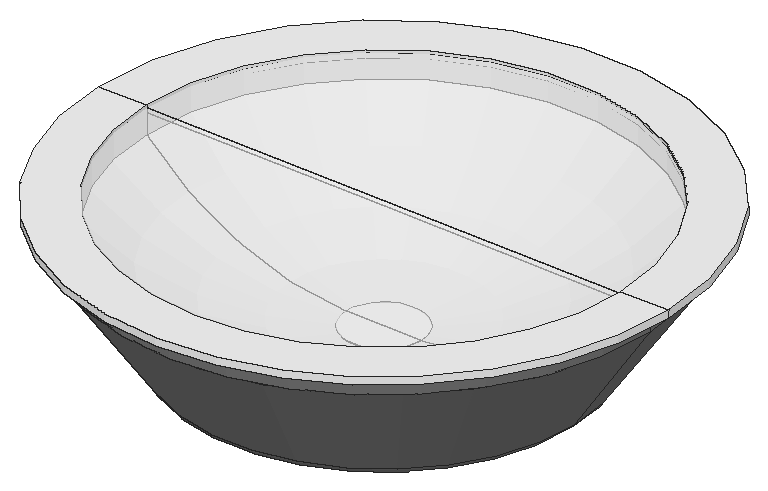
Revit family "0030306", category Lighting Fixtures, host Face, Revit 2016
Family settings
  Host = Face
  Part Type = Normal
  Round Connector Dimension = Use Diameter
  OmniClass Number = 23.80.70.00
  OmniClass Title = Lighting
  Cut with Voids When Loaded = No
  Light Source = Yes
  Shared = No
  Room Calculation Point = No
Parameters (values of type "0030306 Insaver Slim IP44 225 2900lm 830")
  WidthBezel_SYL = if(Size1_SYL, 20 mm, if(Size2_SYL, 20 mm, if(Size3PIR_SYL, 30 mm, if(Size4_SYL, 20 mm, 20 mm))))  # 20 mm
  Weight = "10.56 kg"
  Wattage Comments = ""
  Wattage = 25 W
  WarrantyStartDate [instance] = "n/a"
  WarrantyGuarantorParts = "n/a"
  WarrantyDurationUnit = "n/a"
  WarrantyDurationParts = "n/a"
  WarrantyDescription = "n/a"
  built-in parameter 1150110 = 1 (stored number, unit not read)
  Voltage = 230 V
  VisibilityPIR_SYL = Size3PIR_SYL  # no
  URL = "http://www.sylvania-lighting.com"
  TypeName = "Insaver Slim IP44 225 2900lm 830"
  Type Image = <None>
  Type Comments = "n/a"
  built-in parameter 1114217 = 1 (stored number, unit not read)
  Tilt Angle = -90.00°
  built-in parameter 1150109 = 1 (stored number, unit not read)
  built-in parameter 1150134 = (empty or 0)
  built-in parameter 1150113 = 1 (stored number, unit not read)
  Size4_SYL = no
  Size3PIR_SYL = no
  Size2_SYL = no
  Size1_SYL = no
  SerialNumber [instance] = "n/a"
  RadiusTop_SYL = 6 mm
  RadiusReflector_SYL = if(Size1_SYL, 85 mm, if(Size2_SYL, 85 mm, if(Size3PIR_SYL, 85 mm, if(Size4_SYL, 100 mm, 120 mm))))  # 120 mm
  Photometric Web File = "0030306.ies"
  Material_3_FEILO = Top-Sylvania-STARTDownlight
  PowerFactor = 0.9
  PowerConsumption = "25 W"
  NominalLength = 240 mm
  NominalHeight = 60 mm
  NominalDepth = 240 mm
  Name = "Insaver Slim IP44 225 2900lm 830"
  ModelReference = Name  # "Insaver Slim IP44 225 2900lm 830"
  ModelNumber = "0030306"
  Model = Name  # "Insaver Slim IP44 225 2900lm 830"
  Material = "aluminium housing, na diffuser"
  ManufacturerName = "Feilo Sylvania"
  Manufacturer = "Feilo Sylvania"
  LuminousEfficacy = "116 lm/W"
  built-in parameter 1150105 = 230.77 (stored number, unit not read)
  Lumens = 2900 lm
  LuminaireType = ""
  built-in parameter 1150115 = 1 (stored number, unit not read)
  LightOutputRatio = "n/a"
  built-in parameter 1150137 = (empty or 0)
  built-in parameter 1150139 = (empty or 0)
  LampsType = Lamp  # "LED"
  LampNominalLuminous = "2900 lm"
  LampMacAdamStep = "5"
  LampColourTemperature = "3000 K"
  LampColourRenderingIndex = "80"
  built-in parameter 1150112 = 1 (stored number, unit not read)
  built-in parameter 1150114 = 1 (stored number, unit not read)
  Lamp = "LED"
  Keynote = "16500"
  InstallationDate [instance] = "n/a"
  InputVoltage = "AC 220-240 V"
  InputNominalFrequency = "50/60 Hz"
  built-in parameter 1150132 = (empty or 0)
  built-in parameter 1150102 = (empty or 0)
  built-in parameter 1150107 = 3000 (stored number, unit not read)
  built-in parameter 1150138 = (empty or 0)
  IngressProtection = "IP40/20"
  ImpactProtectionIndex = "IK07"
  built-in parameter 1150106 = 2.3077 (stored number, unit not read)
  IfcExportType = "IfcLightFixtureType"
  IfcExportAs = "IfcLightFixtureType"
  Height_SYL = if(Size1_SYL, 61 mm, if(Size2_SYL, 61 mm, if(Size3PIR_SYL, 61 mm, if(Size4_SYL, 61 mm, 60 mm))))  # 60 mm
  HeightBezel_SYL = if(Size1_SYL, 3 mm, if(Size2_SYL, 3 mm, if(Size3PIR_SYL, 3 mm, if(Size4_SYL, 3.2 mm, 3 mm))))  # 3 mm
  ExpectedLife = 50000
  Emit from Circle Diameter = Diameter_SYL - 40 mm  # 200 mm
  Emit Shape Visible in Rendering = no
  ElectricShockClassification = "Class II"
  built-in parameter 1150104 = 10.777 (stored number, unit not read)
  DurationUnit = "hours"
  DocumentationLiterature = "http://www.sylvania-lighting.com/product/en-int/products/0030306"
  DimmingControlOptions = "n/a"
  Material_2_FEILO = Diffuser-Sylvania-STARTDownlight
  Dimming Lamp Color Temperature Shift = <None>
  Diameter_SYL = if(Size1_SYL, 165 mm, if(Size2_SYL, 190 mm, if(Size3PIR_SYL, 211 mm, if(Size4_SYL, 220 mm, 240 mm))))  # 240 mm
  DiameterTop_SYL = if(Size1_SYL, 98 mm, if(Size2_SYL, 122 mm, if(Size3PIR_SYL, 120 mm, if(Size4_SYL, 135 mm, 158 mm))))  # 158 mm
  DiameterTopBase_SYL = DiameterRecess_SYL  # 225 mm
  DiameterRecess_SYL = if(Size1_SYL, 150 mm, if(Size2_SYL, 170 mm, if(Size3PIR_SYL, 186 mm, if(Size4_SYL, 200 mm, 225 mm))))  # 225 mm
  Description = ""
  Default Elevation = 1219.2 mm
  CreatedOn = "3/18/2019"
  CreatedBy = "@sylvania-lighting.com"
  Cost = 0
  Color Filter = 16777215
  built-in parameter 1114216 [instance] = (empty or 0)
  ClassificationValue = "EF_70_80"
  ClassificationName = "Uniclass2015"
  Material_1_FEILO = Trim-Sylvania-STARTDownlight-White
  BarCode [instance] = "n/a"
  built-in parameter 1114218 = 1 (stored number, unit not read)
  built-in parameter 1150133 = 10 (stored number, unit not read)
  AssetType = "Fixed"
  AssetIdentifier [instance] = "n/a"
  Assembly Code = "D5020200"
  Apparent Load = 25 VA
  Material_4_FEILO = LED-Sylvania-STARTDownlight
Reference planes
  plane 1 "Center (Front/Back)": y = 0
  plane 2: z = 0
  plane 3 "Center (Left/Right)": x = 0
  plane 4: x = 120
  plane 5: x = -120
  plane 6: z = 3
  plane 7: z = -8
  plane 8: z = -57
  plane 9: x = -112.5
  plane 10: x = 112.5
  plane 11: x = -79
  plane 12: x = 79
  plane 13: z = -85
  plane 14: x = -100
  plane 15: z = 2
  plane 16: z = -45
  plane 17: x = -16
  plane 18: x = -105
  plane 19: x = -81.5
  plane 20: x = -99.5
  plane 21: x = -114
  plane 22: z = 5.5
  plane 23: z = 8.7
  plane 24: x = -113
  plane 25: z = 13.7
Forms (mm)
  Revolve 1, void
    sketch origin (0, 0, 0) x (1, 0, 0) y (0, 0, 1)
      loop
        line (0, 0) -> (-112.5, 0) -> (-112.5, -85) -> (0, -85) -> (0, 0)
      axis (0, 0) -> (0, -85)
    angle from 360 to 0
  Revolve 2, solid, material "Trim-Sylvania-STARTDownlight-White" <- "Material_1_FEILO"
    sketch origin (0, 0, 0) x (1, 0, 0) y (0, 0, 1)
      loop
        line (-100, 3) -> (-120, 3) -> (-120, 0) -> (-112.5, 0) -> (-112.5, -8) -> (-80.681, -53.768)
        arc (-80.681, -53.768) -> (-78.471, -56.129) -> (-75.357, -57) r 6
        line (-75.357, -57) -> (0, -57) -> (0, -45) -> (-16, -45)
        arc (-16, -45) -> (-61.677, -34.849) -> (-100, -8) r 120
        line (-100, -8) -> (-100, 3)
      axis (0, 3) -> (0, -57)
    angle from 360 to 0
  Revolve 3, solid, material "Diffuser-Sylvania-STARTDownlight" <- "Material_2_FEILO"
    sketch origin (0, 0, 0) x (1, 0, 0) y (0, 0, 1)
      loop
        line (-100, 0) -> (0, 0) -> (0, 2) -> (-100, 2) -> (-100, 0)
      axis (0, 2) -> (0, 0)
    angle from 360 to 0
  Revolve 4, solid, material "Trim-Sylvania-STARTDownlight-White" <- "Material_1_FEILO", visible <- "VisibilityPIR_SYL"
    sketch origin (0, 0, 0) x (1, 0, 0) y (0, 0, 1)
      loop
        line (-105, 3) -> (-105, 13.7)
        arc (-105, 13.7) -> (-109.717, 12.347) -> (-113, 8.7) r 8.9
        line (-113, 8.7) -> (-113, 5.5) -> (-114, 5.5) -> (-114, 3) -> (-105, 3)
      axis (-105, 13.7) -> (-105, 3)
    angle from 360 to 0
Dimensions and locks
  equal spacing: plane 4, plane 3 "Center (Left/Right)", plane 5
  "Diameter_SYL": plane 4 to plane 5
  equal spacing: plane 10, plane 3 "Center (Left/Right)", plane 9
  equal spacing: plane 12, plane 3 "Center (Left/Right)", plane 11
  "DiameterTop_SYL": plane 12 to plane 11
  "HeightBezel_SYL": plane 6 to plane 2
  "Height_SYL": plane 6 to plane 8
  locked: plane 2 to plane 7 at 8
  locked: plane 2 to plane 13 at 85
  "WidthBezel_SYL": plane 14 to plane 5
  locked: plane 6 to plane 15 at 1
  "DiameterRecess_SYL": plane 10 to plane 9
  locked: plane 3 "Center (Left/Right)" to plane 17 at 16
  locked: plane 16 to plane 8 at 12
  locked: plane 18 to plane 21 at 9
  locked: plane 22 to plane 6 at 2.5
  locked: plane 23 to plane 22 at 3.2
  locked: plane 18 to plane 24 at 8
  locked: plane 25 to plane 23 at 5
  locked: plane 25 to Revolve 4 sketch curve at 8.9
  locked: plane 18 to plane 5 at 15
  "RadiusReflector_SYL": radius of Revolve 2 sketch curve
  "RadiusTop_SYL": radius of Revolve 2 sketch curve
  aligned and locked: plane 2 to host face
  aligned and locked: level to host face
  aligned and locked: Revolve 1 sketch curve to plane 3 "Center (Left/Right)"
  aligned and locked: plane 3 "Center (Left/Right)" to Revolve 1 sketch curve
  aligned and locked: Revolve 1 sketch curve to plane 9
  aligned and locked: plane 13 to Revolve 1 sketch curve
  aligned and locked: plane 3 "Center (Left/Right)" to imposter light
  aligned and locked: imposter light to plane 15
  aligned and locked: imposter light to plane 1 "Center (Front/Back)"
  aligned and locked: Revolve 2 sketch curve to plane 3 "Center (Left/Right)"
  aligned and locked: Revolve 2 sketch curve to plane 6
  aligned and locked: Revolve 2 sketch curve to plane 5
  aligned and locked: Revolve 2 sketch curve to level
  aligned and locked: plane 7 to Revolve 2 sketch curve  (x2)
  aligned and locked: Revolve 2 sketch curve to plane 9
  aligned and locked: plane 8 to Revolve 2 sketch curve
  aligned and locked: Revolve 2 sketch curve to plane 14
  aligned and locked: plane 3 "Center (Left/Right)" to Revolve 2 sketch curve
  aligned and locked: Revolve 2 sketch curve to plane 16
  aligned and locked: Revolve 3 sketch curve to plane 3 "Center (Left/Right)"
  aligned and locked: Revolve 3 sketch curve to level
  aligned and locked: imposter light to Revolve 3 sketch curve  (x2)
  aligned and locked: Revolve 4 sketch curve to plane 18  (x2)
  aligned and locked: Revolve 4 sketch curve to plane 6
  aligned and locked: plane 22 to Revolve 4 sketch curve
  aligned and locked: plane 24 to Revolve 4 sketch curve
  aligned and locked: Revolve 4 sketch curve to Revolve 4 sketch curve
  aligned and locked: plane 21 to Revolve 4 sketch curve
Automatic sketch dimensions
  host sketch curve to host sketch curve = 2438.4 mm  (x2)
  plane 13 to Revolve 1 sketch curve = 524.6 mm
  Revolve 1 sketch curve to plane 6 = 2606.058 mm
  Revolve 1 sketch curve to level = 0 mm
  Revolve 2 sketch curve to plane 17 = 0 mm
  Revolve 2 sketch curve to plane 11 = 1.681 mm
  plane 11 to Revolve 2 sketch curve = 3.643 mm
  plane 13 to Revolve 2 sketch curve = 524.6 mm
  Revolve 2 sketch curve to Revolve 2 sketch curve = 2577.983 mm
  Revolve 3 sketch curve to plane 14 = 0 mm
  plane 13 to Revolve 3 sketch curve = 524.6 mm
  Revolve 3 sketch curve to plane 6 = 2606.058 mm
  Revolve 4 sketch curve to plane 23 = 0 mm
  plane 13 to Revolve 4 sketch curve = 524.6 mm
  Revolve 4 sketch curve to Revolve 4 sketch curve = 2595.358 mm
Connectors
  electrical at (0, 0, 0), driven by "Apparent Load", driven by "PowerFactor", driven by "Voltage"
    settings: index 1, voltage 230 V, apparent load 25 VA, apparent load phase1 0 VA, apparent load phase2 0 VA, apparent load phase3 0 VA, power factor 0.9, load classification "Lighting", number of poles 1, system type 30, power factor state 1, is connector primary yes, connector utility no, sub classification motor no, connector description ""
